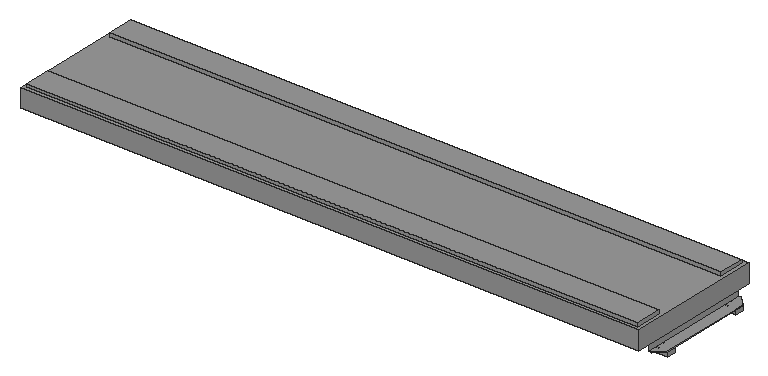
Revit family "44063", category Lighting Fixtures, host Face, Revit 2018
Family settings
  Host = Face
  Round Connector Dimension = Use Diameter
  Part Type = Normal
  OmniClass Number = 23.80.70.00
  OmniClass Title = Lighting
  Cut with Voids When Loaded = No
  Light Source = Yes
  Shared = No
  Room Calculation Point = No
Parameters (values of type "0044063 SPORTSBAY 18KLM 840 EM")
  box length = 1160 mm
  Width = 320 mm
  Weight = "n/a"
  Wattage Comments = ""
  Wattage = 9.2903 W
  WarrantyStartDate [instance] = "n/a"
  WarrantyGuarantorParts = "n/a"
  WarrantyDurationUnit = "n/a"
  WarrantyDurationParts = ""
  WarrantyDescription = "http://www.sylvania-lighting.com"
  built-in parameter 1150110 = 1 (stored number, unit not read)
  Voltage = 0 V
  URL = "0.96"
  TypeName = "Sportsbay 18klm 840 EM"
  Type Image = <None>
  Type Comments = "n/a"
  built-in parameter 1114217 = 1 (stored number, unit not read)
  Tilt Angle = -90.00°
  built-in parameter 1150109 = 1 (stored number, unit not read)
  built-in parameter 1150134 = 3
  built-in parameter 1150113 = 1 (stored number, unit not read)
  SerialNumber [instance] = "n/a"
  Photometric Web File = "0044063EM.IES"
  Material_3_SYL = none
  PowerFactor = 0
  PowerConsumption = "Lighting"
  NominalLength = 320 mm
  NominalHeight = 76 mm
  NominalDepth = 320 mm
  Name = "Sportsbay 18klm 840 EM"
  ModelReference = Name  # "Sportsbay 18klm 840 EM"
  ModelNumber = "0044063"
  Model = Name  # "Sportsbay 18klm 840 EM"
  Material = "Feilo Sylvania"
  ManufacturerName = "151 lm/W"
  Manufacturer = ""
  LuminousEfficacy = ""
  built-in parameter 1150105 = 109.82 (stored number, unit not read)
  Lumens = 1380 lm
  LuminaireType = "0"
  built-in parameter 1150115 = 1 (stored number, unit not read)
  LightOutputRatio = "LED"
  built-in parameter 1150137 = (empty or 0)
  built-in parameter 1150139 = (empty or 0)
  Length = 1500 mm
  LampsType = Lamp  # "n/a"
  LampNominalLuminous = "4000 K"
  LampMacAdamStep = "80"
  LampColourTemperature = "LED"
  LampColourRenderingIndex = "16500"
  built-in parameter 1150112 = 1 (stored number, unit not read)
  built-in parameter 1150114 = 1 (stored number, unit not read)
  Lamp = "n/a"
  Keynote = "n/a"
  InstallationDate [instance] = "n/a"
  InputVoltage = "0"
  InputNominalFrequency = "4000"
  built-in parameter 1150132 = (empty or 0)
  built-in parameter 1150102 = (empty or 0)
  built-in parameter 1150107 = 3200 (stored number, unit not read)
  built-in parameter 1150138 = (empty or 0)
  IngressProtection = "IfcLightFixtureType"
  ImpactProtectionIndex = "IfcLightFixtureType"
  built-in parameter 1150106 = 1.0982 (stored number, unit not read)
  IfcExportType = "IfcLightFixtureType"
  IfcExportAs = "Class I"
  Height = 76 mm
  Emit from Circle Diameter = 609.6 mm
  Emit Shape Visible in Rendering = no
  ElectricShockClassification = "151"
  built-in parameter 1150104 = 13.8 (stored number, unit not read)
  DocumentationLiterature = "http://www.sylvania-lighting.com/product/en-int/products/0044063"
  DimmingControlOptions = "n/a"
  Material_2_SYL = none
  Dimming Lamp Color Temperature Shift = <None>
  Description = ""
  Default Elevation = 1219.2 mm
  CreatedOn = "26/09/2023"
  CreatedBy = "@sylvania-lighting.com"
  Cost = 0
  Color Filter = 16777215
  built-in parameter 1114216 [instance] = (empty or 0)
  ClassificationValue = "EF_70_80"
  ClassificationName = "Uniclass2015"
  Material_1_SYL = none
  BarCode [instance] = "n/a"
  built-in parameter 1114218 = 1 (stored number, unit not read)
  built-in parameter 1150133 = 10 (stored number, unit not read)
  AssetType = "Fixed"
  AssetIdentifier [instance] = "n/a"
  Assembly Code = "D5020200"
  Apparent Load = 122 VA
  Material_4_SYL = none
Reference planes
  plane 1 "Center (Front/Back)": y = 0
  plane 2: z = 0
  plane 3 "Center (Left/Right)": x = 0
  plane 4: x = -750
  plane 5: x = 750
  plane 6: y = 160
  plane 7: y = -160
  plane 8: z = 76
  plane 9: z = 1
  plane 10: y = 130
  plane 11: y = -130
  plane 12: y = 110
  plane 13: y = -110
  plane 14: z = 11
  plane 15: z = 68
  plane 16: z = 25
  plane 17: y = 90
  plane 18: y = 151
  plane 19: y = 90
  plane 20: x = -720
  plane 21: x = -728.997
  plane 22: x = -721
  plane 23: x = -712
  plane 24: x = -748.5
  plane 25: x = -723.5
  plane 26: x = 712
Forms (mm)
  Extrusion 1, solid, material "Aluminum", detail levels medium+fine
    sketch origin (0, 0, 0) x (1, 0, 0) y (0, 1, 0)
      loop
        line (-740.875, 130) -> (-750, 121.311) -> (-750, -110) -> (-728.997, -130) -> (-720, -130) -> (-720, 130) -> (-740.875, 130)
    from 11 to 12
  Extrusion 2, solid, material "Aluminum", detail levels medium+fine
    sketch origin (0, 0, 0) x (1, 0, 0) y (0, 1, 0)
      loop
        line (-720, 130) -> (-721, 130) -> (-721, -130) -> (-720, -130) -> (-720, 130)
    from 11 to 25
  Extrusion 3, solid, material "Aluminum", detail levels medium+fine
    sketch origin (1524, -324.9, 1219.2) x (1, 0, 0) y (0, 0, 1)
      loop
        line (-803, -1151.2) -> (-2245, -1151.2) -> (-2245, -1194.2) -> (-803, -1194.2) -> (-803, -1151.2)
    from -484.9 to -164.9
  Extrusion 4, solid, material "Aluminum", detail levels medium+fine
    sketch origin (0, 0, 0) x (1, 0, 0) y (0, 1, 0)
      loop
        line (-748.5, 110) -> (-748.5, 90) -> (-723.5, 90) -> (-723.5, 110) -> (-748.5, 110)
    from 0 to 11
  Extrusion 5, solid, material "Aluminum", detail levels medium+fine
    sketch origin (0, 0, 0) x (1, 0, 0) y (0, 1, 0)
      loop
        line (-748.5, -110) -> (-723.5, -110) -> (-723.5, -90) -> (-748.5, -90) -> (-748.5, -110)
    from 0 to 11
  Extrusion 6, solid, material "Glass, White, High Luminance", detail levels fine
    sketch origin (0, 0, 0) x (1, 0, 0) y (0, 1, 0)
      loop
        line (-712, 151) -> (-712, 90) -> (712, 90) -> (712, 151) -> (-712, 151)
    from 68 to 76
  Extrusion 7, solid, material "Glass, White, High Luminance", detail levels fine
    sketch origin (0, 0, 0) x (1, 0, 0) y (0, 1, 0)
      loop
        line (-712, -151) -> (712, -151) -> (712, -90) -> (-712, -90) -> (-712, -151)
    from 68 to 76
  Extrusion 8, solid, detail levels coarse
    sketch origin (0, 0, 0) x (1, 0, 0) y (0, 1, 0)
      loop
        line (-750, 160) -> (-750, -160) -> (750, -160) -> (750, 160) -> (-750, 160)
    from 0 to 76
  Extrusion 9, solid, material "Aluminum", detail levels medium+fine
    sketch origin (0, 0, 0) x (-1, 0, 0) y (0, -1, 0)
      loop
        line (-726.38, -130) -> (-720, -130) -> (-720, 130) -> (-728.997, 130) -> (-750, 110) -> (-750, -107.508) -> (-726.38, -130)
    from 11 to 12
  Extrusion 10, solid, material "Aluminum", detail levels coarse
    sketch origin (-1524, -324.9, 1219.2) x (-1, 0, 0) y (0, 0, -1)
      loop
        line (-774, 1143.2) -> (-774, 1219.2) -> (-2274, 1219.2) -> (-2274, 1143.2) -> (-774, 1143.2)
    from -484.9 to -164.9
  Extrusion 11, solid, material "Aluminum", detail levels medium+fine
    sketch origin (0, 0, 0) x (-1, 0, 0) y (0, -1, 0)
      loop
        line (-748.5, -110) -> (-723.5, -110) -> (-723.5, -90) -> (-748.5, -90) -> (-748.5, -110)
    from 0 to 11
  Extrusion 12, solid, material "Aluminum", detail levels medium+fine
    sketch origin (0, 0, 0) x (-1, 0, 0) y (0, -1, 0)
      loop
        line (-748.5, 110) -> (-748.5, 90) -> (-723.5, 90) -> (-723.5, 110) -> (-748.5, 110)
    from 0 to 11
  Extrusion 13, solid, material "Aluminum", detail levels medium+fine
    sketch origin (0, 0, 0) x (-1, 0, 0) y (0, -1, 0)
      loop
        line (-720, -130) -> (-720, 130) -> (-721, 130) -> (-721, -130) -> (-720, -130)
    from 11 to 25
Dimensions and locks
  equal spacing: plane 4, plane 3 "Center (Left/Right)", plane 5
  equal spacing: plane 6, plane 1 "Center (Front/Back)", plane 7
  "Length": plane 4 to plane 5
  "Width": plane 6 to plane 7
  "Height": plane 8 to level
  aligned and locked: plane 2 to host face
  aligned and locked: level to host face
Automatic sketch dimensions
  host sketch curve to host sketch curve = 2438.4 mm  (x2)
  Extrusion 1 sketch curve to plane 4 = 0 mm
  Extrusion 1 sketch curve to plane 11 = 0 mm
  Extrusion 1 sketch curve to plane 21 = 0 mm
  Extrusion 1 sketch curve to plane 10 = 0 mm
  Extrusion 1 sketch curve to plane 20 = 0 mm
  Extrusion 1 sketch curve to plane 13 = 0 mm
  plane 21 to Extrusion 1 sketch curve = 11.878 mm
  plane 12 to Extrusion 1 sketch curve = 11.311 mm
  Extrusion 2 sketch curve to plane 10 = 0 mm
  Extrusion 2 sketch curve to plane 22 = 0 mm
  Extrusion 2 sketch curve to plane 11 = 0 mm
  Extrusion 2 sketch curve to plane 20 = 0 mm
  Extrusion 4 sketch curve to plane 17 = 0 mm
  Extrusion 4 sketch curve to plane 24 = 0 mm
  Extrusion 4 sketch curve to plane 25 = 0 mm
  Extrusion 4 sketch curve to plane 12 = 0 mm
  Extrusion 5 sketch curve to plane 24 = 0 mm
  Extrusion 5 sketch curve to plane 25 = 0 mm
  Extrusion 5 sketch curve to plane 13 = 0 mm
  Extrusion 5 sketch curve to plane 13 = 20 mm
  Extrusion 6 sketch curve to plane 17 = 0 mm
  Extrusion 6 sketch curve to plane 23 = 0 mm
  Extrusion 6 sketch curve to plane 26 = 0 mm
  Extrusion 6 sketch curve to plane 18 = 0 mm
  Extrusion 7 sketch curve to plane 26 = 0 mm
  Extrusion 7 sketch curve to plane 7 = 9 mm
  Extrusion 7 sketch curve to plane 23 = 0 mm
  Extrusion 7 sketch curve to plane 13 = 20 mm
  Extrusion 8 sketch curve to plane 4 = 0 mm
  Extrusion 8 sketch curve to plane 5 = 0 mm
  Extrusion 8 sketch curve to plane 7 = 0 mm
  Extrusion 8 sketch curve to plane 6 = 0 mm
  Extrusion 9 sketch curve to plane 5 = 0 mm
  Extrusion 9 sketch curve to plane 11 = 0 mm
  Extrusion 9 sketch curve to plane 10 = 0 mm
  plane 13 to Extrusion 9 sketch curve = 0 mm
  Extrusion 9 sketch curve to plane 26 = 16.997 mm
  Extrusion 9 sketch curve to plane 26 = 14.38 mm
  Extrusion 9 sketch curve to Extrusion 9 sketch curve = 6.38 mm
  plane 12 to Extrusion 9 sketch curve = 2.492 mm
  Extrusion 10 sketch curve to plane 5 = 0 mm
  Extrusion 10 sketch curve to level = 0 mm
  Extrusion 10 sketch curve to plane 4 = 0 mm
  Extrusion 10 sketch curve to plane 8 = 0 mm
  plane 17 to Extrusion 11 sketch curve = 0 mm
  plane 12 to Extrusion 11 sketch curve = 0 mm
  plane 5 to Extrusion 11 sketch curve = 1.5 mm
  Extrusion 11 sketch curve to plane 26 = 11.5 mm
  plane 13 to Extrusion 12 sketch curve = 0 mm
  Extrusion 12 sketch curve to plane 5 = 1.5 mm
  plane 26 to Extrusion 12 sketch curve = 11.5 mm
  Extrusion 12 sketch curve to Extrusion 12 sketch curve = 20 mm
  Extrusion 13 sketch curve to plane 10 = 0 mm
  Extrusion 13 sketch curve to plane 11 = 0 mm
  Extrusion 13 sketch curve to plane 26 = 9 mm
  Extrusion 13 sketch curve to Extrusion 13 sketch curve = 1 mm
  Extrusion 3 sketch curve to plane 22 = 0 mm
  Extrusion 3 sketch curve to plane 16 = 0 mm
  Extrusion 3 sketch curve to plane 15 = 0 mm
  plane 26 to Extrusion 3 sketch curve = 9 mm
Connectors
  electrical at (0, 0, 0), driven by "Apparent Load", driven by "PowerFactor", driven by "Voltage"
    settings: index 1, voltage 0 V, apparent load 122 VA, apparent load phase1 0 VA, apparent load phase2 0 VA, apparent load phase3 0 VA, power factor 0, load classification "Lighting", number of poles 1, system type 30, power factor state 1, is connector primary yes, connector utility no, sub classification motor no, connector description ""
